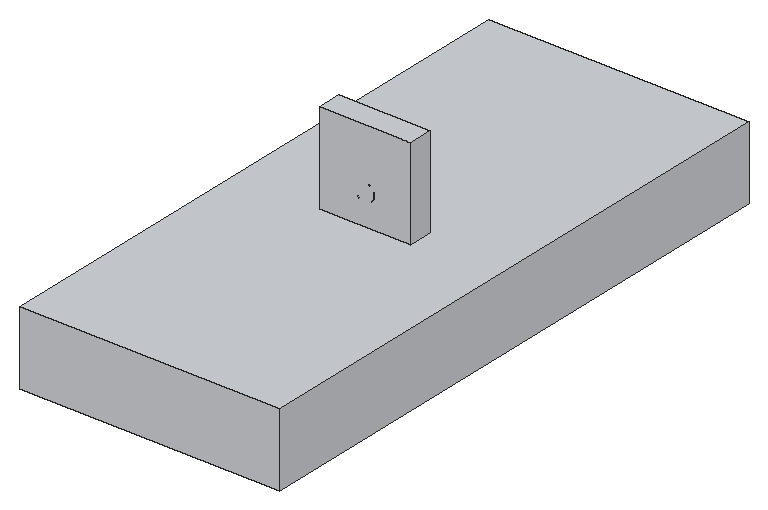
Revit family "M_Lavatório - Retangular", category Peças hidrossanitárias, Revit 2019
Family settings
  Hospedeiro = Face
  Cota do conector redondo = Usar raio
  Tipo de parte = Normal
  Número OmniClass = 23.45.05.14.14
  Título OmniClass = Sinks/Lavatories
  ID de item do Seek = Lavatory - Rectangular-0000-CAN-ENU
  Corte com vazios quando carregada = Não
  Compartilhado = Não
  Ponto de cálculo do ambiente = Não
Parameters (values of type "380 mmx380 mm - Público")
  Raio do sanitário = 16 mm
  Diâmetro do sanitário = Raio do sanitário * 2  # 32 mm
  WFU = 1
  Largura da pia = 279 mm
  Material da pia = none
  Comprimento da pia = 254 mm
  Comprimento do lavatório = 380 mm
  Largura do lavatório = 380 mm
  Raio da água quente = 12.5 mm
  Diâmetro da água quente = Raio da água quente * 2  # 25 mm
  Largura de meia pia = Largura da pia / 2  # 139.5 mm
  Largura de meio lavatório = Largura do lavatório / 2  # 190 mm
  HWFU = 1.5
  Pressão do fluxo [instance] = 55158.0 Pa
  Material da torneira = none
  Elevação-padrão = 865 mm
  Raio da água gelada = 12.5 mm
  Diâmetro da água gelada = Raio da água gelada * 2  # 25 mm
  CWFU = 1.5
Types (5, lengths in mm): name | Largura da pia | Comprimento da pia | Comprimento do lavatório | Largura do lavatório | Largura de meia pia | Largura de meio lavatório | HWFU | CWFU
  (no name) | 279 | 254 | 380 | 380 | 139.5 | 190 | 1.5 | 1.5
  380 mmx380 mm - Público | 279 | 254 | 380 | 380 | 139.5 | 190 | 1.5 | 1.5
  560 mmx560 mm - Público | 381 | 305 | 560 | 560 | 190.5 | 280 | 1.5 | 1.5
  380 mmx380 mm - Privado | 279 | 254 | 380 | 380 | 139.5 | 190 | 0.5 | 0.5
  560 mmx560 mm - Privado | 381 | 305 | 560 | 560 | 190.5 | 280 | 0.5 | 0.5
Reference planes
  plane 1 "Centro (Frente/Trás)": y = 0
  plane 2: z = 0
  plane 3 "Centro (Esquerda/Direita)": x = 0
  plane 4: x = 190
  plane 5: x = -190
  plane 6: z = 380
  plane 7: z = 76.2
  plane 8: y = -101.6
  plane 9: y = -76.2
  plane 10: z = 63.5
  plane 11: z = 12.7
  plane 12: x = 76.2
  plane 13: x = -76.2
  plane 14: y = 25.4
  plane 15: y = 63.5
  plane 16: x = 50.8
  plane 17: x = -50.8
  plane 18: z = 38.1
  plane 19: x = -12.7
  plane 20: x = 12.7
  plane 21: z = 330.2
  plane 22: x = 139.5
  plane 23: x = -139.5
  plane 24: z = 304.8
  plane 25: x = 114.1
  plane 26: x = -114.1
  plane 27: z = 127
  plane 28: y = -50.8
  plane 29: x = -101.6
  plane 30: x = 101.6
Forms (mm)
  Extrusion 1, solid
    sketch origin (0, 0, 0) x (1, 0, 0) y (0, 1, 0)
      loop
        line (-541.526, 1219.2) -> (-541.526, -1219.2) -> (540.421, -1219.2) -> (540.421, 1219.2) -> (-541.526, 1219.2)
    from 0 to -304.8
  Extrusion 2, solid, material <- "Material da pia"
    sketch origin (0, 0, 0) x (1, 0, 0) y (0, 0, 1)
      loop
        line (190, 380) -> (-190, 380) -> (-190, 0) -> (190, 0) -> (190, 380)
    from 0 to 101.6
  Extrusion 3, solid, material <- "Material da torneira", detail levels fine
    sketch origin (0, 0, 0) x (1, 0, 0) y (0, 0, 1)
      loop
        line (76.2, 63.5) -> (-76.2, 63.5) -> (-76.2, 12.7) -> (76.2, 12.7) -> (76.2, 63.5)
    from -25.4 to 0
  Extrusion 4, solid, material <- "Material da torneira", detail levels fine
    sketch origin (0, 0, 0) x (1, 0, 0) y (0, 0, 1)
      loop
        circle (50.8, 38.1) r 19.05
      loop
        circle (-50.8, 38.1) r 19.05
    from -63.5 to -25.4
  Extrusion 5, solid, material <- "Material da torneira", detail levels fine
    sketch origin (0, 0, 0) x (0, 1, 0) y (0, 0, 1)
      loop
        line (0, 63.5) -> (25.4, 63.5) -> (76.2, 151.488) -> (50.8, 151.488) -> (0, 63.5)
    from -12.7 to 12.7
  Blend 6, void
    base sketch origin (0, 0, 0) x (1, 0, 0) y (0, 0, 1)
      loop
        line (139.5, 330.2) -> (-139.5, 330.2) -> (-139.5, 76.2) -> (139.5, 76.2) -> (139.5, 330.2)
    top sketch origin (0, 0, 0) x (1, 0, 0) y (0, 0, 1)
      loop
        line (114.1, 304.8) -> (-114.1, 304.8) -> (-114.1, 76.2) -> (114.1, 76.2) -> (114.1, 304.8)
    from 0 to 76.2
  Extrusion 7, solid, material <- "Material da pia"
    sketch origin (0, 0, 0) x (1, 0, 0) y (0, 1, 0)
      loop
        circle (-101.6, -50.8) r 25.4
      loop
        circle (101.6, -50.8) r 25.4
    from 0 to 12.7
  Extrusion 8, solid, material <- "Material da pia"
    sketch origin (0, 0, 0) x (1, 0, 0) y (0, 0, 1)
      loop
        circle (0, 127) r 38.1
    from 76.2 to 101.6
Cuts and joins
  joined: Extrusion 3, Extrusion 4, Extrusion 5
  Blend 6 cuts Extrusion 2
  joined: Extrusion 2, Extrusion 7
Lines and regions (mm)
  reference lines
    curve 1: line (0, 0, 63.5) -> (0, 50.8, 151.488)
Dimensions and locks
  "Largura do lavatório": plane 5 to plane 4
  "Largura de meio lavatório": plane 3 "Centro (Esquerda/Direita)" to plane 4
  "Comprimento do lavatório": plane 6 to plane 2
  locked: level to plane 7 at 76.2
  locked: plane 8 to plane 1 "Centro (Frente/Trás)" at 101.6
  locked: plane 9 to plane 1 "Centro (Frente/Trás)" at 76.2
  locked: plane 2 to plane 10 at 63.5
  locked: plane 11 to plane 10 at 50.8
  locked: plane 3 "Centro (Esquerda/Direita)" to plane 12 at 76.2
  locked: plane 13 to plane 3 "Centro (Esquerda/Direita)" at 76.2
  locked: plane 14 to plane 1 "Centro (Frente/Trás)" at 25.4
  locked: plane 15 to plane 1 "Centro (Frente/Trás)" at 63.5
  equal spacing: plane 11, plane 18, plane 10
  locked: plane 3 "Centro (Esquerda/Direita)" to plane 16 at 50.8
  locked: plane 17 to plane 3 "Centro (Esquerda/Direita)" at 50.8
  locked: plane 19 to plane 3 "Centro (Esquerda/Direita)" at 12.7
  locked: plane 3 "Centro (Esquerda/Direita)" to plane 20 at 12.7
  "Comprimento da pia": plane 7 to plane 21
  "Largura de meia pia": plane 3 "Centro (Esquerda/Direita)" to plane 22
  "Largura da pia": plane 23 to plane 22
  locked: plane 24 to plane 21 at 25.4
  locked: plane 25 to plane 22 at 25.4
  locked: plane 23 to plane 26 at 25.4
  locked: plane 2 to plane 27 at 127
  equal spacing: plane 8, plane 28, plane 1 "Centro (Frente/Trás)"
  locked: plane 29 to plane 3 "Centro (Esquerda/Direita)" at 101.6
  locked: plane 3 "Centro (Esquerda/Direita)" to plane 30 at 101.6
  locked: curve 1 to curve 1 at 101.6
  radius of Extrusion 8 sketch curve = 38.1 mm
  locked: plane 1 "Centro (Frente/Trás)" to curve 1 (angle 30.00°)
  aligned and locked: plane 2 to Extrusion 1
  aligned and locked: level to Extrusion 1
  aligned and locked: Extrusion 2 to plane 1 "Centro (Frente/Trás)"
  aligned and locked: Extrusion 2 to plane 8
  aligned and locked: plane 5 to Extrusion 2
  aligned and locked: Extrusion 2 to plane 4
  aligned and locked: plane 6 to Extrusion 2
  aligned and locked: Extrusion 2 to plane 2
  aligned and locked: plane 10 to Extrusion 3
  aligned and locked: Extrusion 3 to plane 11
  aligned and locked: plane 13 to Extrusion 3
  aligned and locked: Extrusion 3 to plane 12
  aligned and locked: plane 14 to Extrusion 3
  aligned and locked: plane 1 "Centro (Frente/Trás)" to Extrusion 3
  aligned and locked: plane 18 to Extrusion 4 sketch curve  (x2)
  aligned and locked: plane 17 to Extrusion 4 sketch curve
  aligned and locked: plane 16 to Extrusion 4 sketch curve
  aligned and locked: plane 15 to Extrusion 4
  aligned and locked: Extrusion 4 to plane 14
  aligned and locked: Extrusion 5 to plane 19
  aligned and locked: plane 20 to Extrusion 5
  aligned and locked: Blend 6 to plane 9
  aligned and locked: plane 1 "Centro (Frente/Trás)" to cut or joined group of Extrusion 2, Blend 6, Extrusion 7
  aligned and locked: cut or joined group of Extrusion 2, Blend 6, Extrusion 7 to plane 23
  aligned and locked: plane 22 to cut or joined group of Extrusion 2, Blend 6, Extrusion 7
  aligned and locked: cut or joined group of Extrusion 2, Blend 6, Extrusion 7 to plane 21
  aligned and locked: cut or joined group of Extrusion 2, Blend 6, Extrusion 7 to plane 7  (x2)
  aligned and locked: plane 26 to cut or joined group of Extrusion 2, Blend 6, Extrusion 7
  aligned and locked: cut or joined group of Extrusion 2, Blend 6, Extrusion 7 to plane 25
  aligned and locked: plane 24 to cut or joined group of Extrusion 2, Blend 6, Extrusion 7
  aligned and locked: cut or joined group of Extrusion 2, Blend 6, Extrusion 7 to plane 4
  aligned and locked: plane 6 to cut or joined group of Extrusion 2, Blend 6, Extrusion 7
  aligned and locked: plane 5 to cut or joined group of Extrusion 2, Blend 6, Extrusion 7
  aligned and locked: cut or joined group of Extrusion 2, Blend 6, Extrusion 7 to plane 2
  aligned and locked: Extrusion 7 to plane 2
  aligned and locked: plane 11 to Extrusion 7
  aligned and locked: plane 3 "Centro (Esquerda/Direita)" to Extrusion 8 sketch curve
  aligned and locked: plane 27 to Extrusion 8 sketch curve
  aligned and locked: Extrusion 8 to plane 8
  aligned and locked: plane 9 to Extrusion 8
Automatic sketch dimensions
  Extrusion 2 sketch curve to plane 5 = 0 mm
  Extrusion 2 sketch curve to level = 0 mm
  Extrusion 2 sketch curve to plane 4 = 0 mm
  Extrusion 2 sketch curve to plane 6 = 0 mm
  Extrusion 3 sketch curve to plane 10 = 0 mm
  Extrusion 3 sketch curve to plane 13 = 0 mm
  Extrusion 3 sketch curve to plane 11 = 0 mm
  Extrusion 3 sketch curve to plane 12 = 0 mm
  curve 1 to plane 1 "Centro (Frente/Trás)" = 0 mm
  curve 1 to plane 10 = 0 mm
  Extrusion 5 sketch curve to plane 1 "Centro (Frente/Trás)" = 0 mm
  Extrusion 5 sketch curve to plane 14 = 0 mm
  Extrusion 5 sketch curve to plane 10 = 0 mm
  Extrusion 5 sketch curve to plane 15 = 12.7 mm
  plane 15 to Extrusion 5 sketch curve = 12.7 mm
  plane 7 to Extrusion 5 sketch curve = 75.288 mm
  Blend 6 sketch curve to plane 21 = 0 mm
  Blend 6 sketch curve to plane 23 = 0 mm
  Blend 6 sketch curve to plane 7 = 0 mm  (x2)
  Blend 6 sketch curve to plane 22 = 0 mm
  Blend 6 sketch curve to plane 24 = 0 mm
  Blend 6 sketch curve to plane 26 = 0 mm
  Blend 6 sketch curve to plane 25 = 0 mm
  Extrusion 7 sketch curve to plane 28 = 0 mm  (x2)
  Extrusion 7 sketch curve to plane 29 = 0 mm
  Extrusion 7 sketch curve to plane 30 = 0 mm
  Extrusion 1 sketch curve to Extrusion 1 sketch curve = 1081.947 mm
  Extrusion 1 sketch curve to Extrusion 1 sketch curve = 2438.4 mm
  radius of Extrusion 4 sketch curve = 19.05 mm  (x2)
  radius of Extrusion 7 sketch curve = 25.4 mm  (x2)
Connectors
  piping at (101.6, -50.8, 0), diameter 25, driven by "Raio da água gelada", driven by "CWFU", driven by "Pressão do fluxo"
    settings: on Extrusion 7, index 1, connector inside diameter 25 mm, connector length 0 mm, flow factor 0, pipe flow 0.0 L/s, pressure drop 55158.0 Pa, fitting loss kfactor 0, connector angle 0.00°, fixture units 1.5, engagement length 0 mm, angle of deflection 0.00°, flow configuration 3, flow direction 1, fitting loss method 4, system type 20, joint type 0, gender type 0, connector reference index -1, connector utility 0, adjustable connector no, is connector primary yes, connector description "In"
  piping at (-101.6, -50.8, 0), diameter 25, driven by "Raio da água quente", driven by "Pressão do fluxo", driven by "HWFU"
    settings: on Extrusion 7, index 2, connector inside diameter 25 mm, connector length 0 mm, flow factor 0, pipe flow 0.0 L/s, pressure drop 55158.0 Pa, fitting loss kfactor 0, connector angle 0.00°, fixture units 1.5, engagement length 0 mm, angle of deflection 0.00°, flow configuration 3, flow direction 1, fitting loss method 4, system type 19, joint type 0, gender type 0, connector reference index -1, connector utility 0, adjustable connector no, is connector primary no, connector description "In"
  piping at (0, -101.6, 127), diameter 32, driven by "WFU", driven by "Raio do sanitário"
    settings: on Extrusion 8, index 3, connector inside diameter 32 mm, connector length 0 mm, flow factor 0, pipe flow 0.0 L/s, pressure drop 0.0 Pa, fitting loss kfactor 0, connector angle 0.00°, fixture units 1, engagement length 0 mm, angle of deflection 0.00°, flow configuration 3, flow direction 2, fitting loss method 0, system type 16, joint type 0, gender type 0, connector reference index -1, connector utility 0, adjustable connector no, is connector primary no, connector description "Saída"
